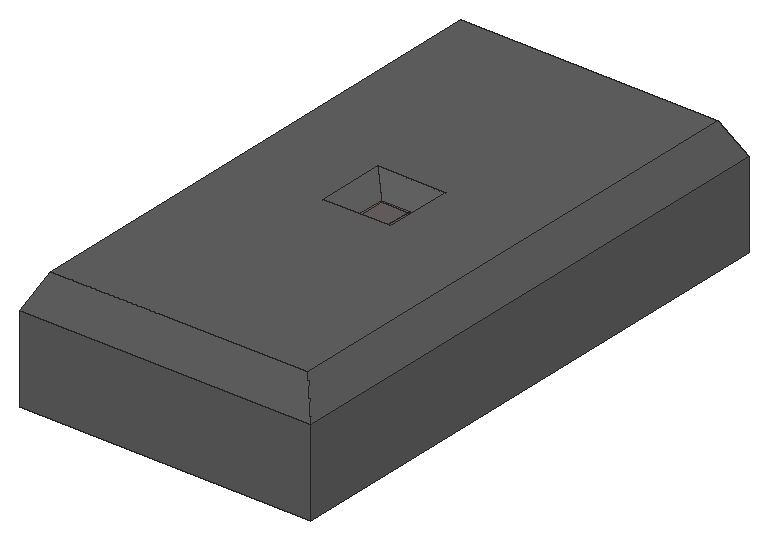
Revit family "Smartcard Reader_Delta3_Farpointe_R16", category Security Devices, host Face, Revit 2016
Family settings
  Host = Face
  Maintain Annotation Orientation = No
  Part Type = Normal
  Round Connector Dimension = Use Diameter
  Cut with Voids When Loaded = No
  Shared = No
  Room Calculation Point = No
Parameters
  Width = 1.7"
  URL - Quick Start Guides [instance] = "http://farpointedata.com/downloads/qsg_and_ref/SmartcardReaders_QSG.pdf"
  URL - Mounting Guides Letter Size [instance] = "http://farpointedata.com/downloads/mounting_guides/MountingGuide_Delta3_Ltr.pdf"
  URL - Mounting Guides A4 Size [instance] = "http://farpointedata.com/downloads/mounting_guides/MountingGuide_Delta3_A4.pdf"
  URL - Data Sheets [instance] = "http://farpointedata.com/downloads/datasheets/Delta3_TDS.pdf"
  URL - Bid Specifications [instance] = "http://farpointedata.com/downloads/bid_specs/Farpointe_Delta_Specification.docx"
  URL = "http://www.farpointedata.com/"
  Modeled By [instance] = "www.commensestudio.com"
  Model = "Delta3 Contactless Smartcard Reader"  # constant formula
  Manufacturer = "Farpointe Data"  # constant formula
  LED [instance] = LED
  Height = 3.2"
  Description = "Mullion Mount"  # constant formula
  Depth = 0.7"
  Default Elevation = 48"
  Cover [instance] = Cover
Reference planes (in)
  plane 1 "Center (Front/Back)": y = 0
  plane 2: z = 0
  plane 3 "Center (Left/Right)": x = 0
  plane 4: x = -0.85
  plane 5: x = 0.85
  plane 6: y = 1.6
  plane 7: y = -1.6
  plane 8: z = 0.7
  plane 9: z = 0.6
Forms (in)
  Extrusion 1, solid, material "Cover" <- "Cover"
    sketch origin (0, 0, 0) x (1, 0, 0) y (0, 1, 0)
      loop
        line (-0.85, -1.6) -> (0.85, -1.6) -> (0.85, 1.6) -> (-0.85, 1.6) -> (-0.85, -1.6)
    from 0 to 0.5
  Blend 2, solid, material "Cover" <- "Cover"
    base sketch origin (0, 0, 0) x (1, 0, 0) y (0, 1, 0)
      loop
        line (-0.85, 1.6) -> (-0.85, -1.6) -> (0.85, -1.6) -> (0.85, 1.6) -> (-0.85, 1.6)
    top sketch origin (0, 0, 0) x (1, 0, 0) y (0, 1, 0)
      loop
        line (-0.75, 1.5) -> (-0.75, -1.5) -> (0.75, -1.5) -> (0.75, 1.5) -> (-0.75, 1.5)
    from 0.5 to 0.7
  Extrusion 3, solid, material "LED" <- "LED"
    sketch origin (0, 0, 0) x (1, 0, 0) y (0, 1, 0)
      loop
        line (0.085, -0.085) -> (0.085, 0.085) -> (-0.085, 0.085) -> (-0.085, -0.085) -> (0.085, -0.085)
    from 0.5 to 0.61
  Blend 4, void
    base sketch origin (0, 0, 0) x (1, 0, 0) y (0, 1, 0)
      loop
        line (-0.085, 0.085) -> (-0.085, -0.085) -> (0.085, -0.085) -> (0.085, 0.085) -> (-0.085, 0.085)
    top sketch origin (0, 0, 0) x (1, 0, 0) y (0, 1, 0)
      loop
        line (-0.19907, 0.19907) -> (-0.19907, -0.19907) -> (0.19907, -0.19907) -> (0.19907, 0.19907) -> (-0.19907, 0.19907)
    from 0.6 to 0.7
Cuts and joins
  Blend 4 cuts Extrusion 1
  Blend 4 cuts Blend 2
Dimensions and locks (in)
  equal spacing: plane 7, plane 1 "Center (Front/Back)", plane 6
  equal spacing: plane 4, plane 3 "Center (Left/Right)", plane 5
  "Height": plane 7 to plane 6
  "Width": plane 4 to plane 5
  "Depth": plane 8 to level
  locked: plane 8 to plane 9 at 0.1
  aligned and locked: plane 2 to host face
  aligned and locked: level to host face
Automatic sketch dimensions
  Extrusion 1 sketch curve to plane 4 = 0"
  Extrusion 1 sketch curve to plane 5 = 0"
  plane 7 to Extrusion 1 sketch curve = 0"
  plane 6 to Extrusion 1 sketch curve = 0"
  Blend 2 sketch curve to plane 4 = 0"
  Blend 2 sketch curve to plane 5 = 0"
  plane 7 to Blend 2 sketch curve = 0"
  plane 6 to Blend 2 sketch curve = 0"
  plane 4 to Blend 2 sketch curve = 0.1"
  Blend 2 sketch curve to plane 5 = 0.1"
  Blend 2 sketch curve to plane 7 = 0.1"
  plane 6 to Blend 2 sketch curve = 0.1"
  Extrusion 3 sketch curve to plane 3 "Center (Left/Right)" = 0.085"
  plane 3 "Center (Left/Right)" to Extrusion 3 sketch curve = 0.085"
  plane 1 "Center (Front/Back)" to Extrusion 3 sketch curve = 0.085"
  Extrusion 3 sketch curve to plane 1 "Center (Front/Back)" = 0.085"
  Blend 4 sketch curve to plane 3 "Center (Left/Right)" = 0.085"
  plane 3 "Center (Left/Right)" to Blend 4 sketch curve = 0.085"
  plane 1 "Center (Front/Back)" to Blend 4 sketch curve = 0.085"
  Blend 4 sketch curve to plane 1 "Center (Front/Back)" = 0.085"
  host sketch curve to host sketch curve = 8"  (x2)
Connectors (in)
  electrical at (0, 0, 0)
    settings: index 3, voltage 0 V, apparent load 0 VA, apparent load phase1 0 VA, apparent load phase2 0 VA, apparent load phase3 0 VA, power factor 1, load classification "Other", number of poles 1, system type 10, power factor state 1, is connector primary yes, connector utility no, sub classification motor no, connector description ""
